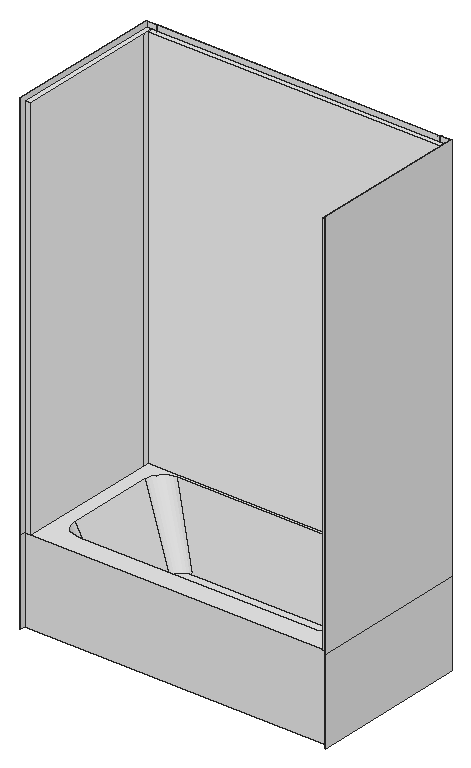
Revit family "4XBTSF6030.V2", category Plumbing Fixtures, Revit 2017
Family settings
  Round Connector Dimension = Use Diameter
  Part Type = Normal
  OmniClass Number = 23.45.05.14.17
  OmniClass Title = Showers
  Work Plane-Based = No
  Always vertical = Yes
  Cut with Voids When Loaded = No
  Shared = No
  Room Calculation Point = No
Parameters (values of type "4XBTSF6030.V2")
  Unit Width = 60"
  Unit Height = 93 1/2"
  URL = "http://www.bestbath.com"
  Type Comments = "Remodeler"
  Model = "4XBTSF6030.V2"
  Material [instance] = Best Bath Gelcoat Fiberglass - RealTile
  Manufacturer = "Best Bath Systems, Inc."
  Keynote = "22 40 00.D3"
  Description = "Real Tile Finish"
  Assembly Code = "D2010700"
Reference planes (in)
  plane 1 "Back": y = 0
  plane 2: z = 0.25
  plane 3 "Left": x = 0
  plane 4: x = 60
  plane 5: y = -30
  plane 6: z = 92.75
  plane 7: z = 93.75
  plane 8: x = 52
  plane 9: z = 16.75
  plane 10: y = -15
  plane 11: y = -1.25
  plane 12: x = 10
  plane 13: x = 55.5
  plane 14: y = -4.375
  plane 15: y = -23.5
  plane 16: y = -1.875
  plane 17: y = -26
  plane 18: x = 4
  plane 19: x = 57
  plane 20: x = 1.25
  plane 21: x = 58.75
  plane 22: y = -31
Forms (in)
  Extrusion 1, solid, material "Best Bath Gelcoat Fiberglass - Smooth"
    sketch origin (0, 0, 0.25) x (1, 0, 0) y (0, 1, 0)
      loop
        line (60, -30) -> (60, 0) -> (58.75, 0) -> (58.75, -2.25) -> (58.75, -30) -> (60, -30)
      loop
        line (0, 0) -> (0, -30) -> (1.25, -30) -> (1.25, -2.25) -> (1.25, 0) -> (0, 0)
    from 16.5 to 92.5
  Extrusion 2, solid, material "Best Bath Gelcoat Fiberglass - Smooth"
    sketch origin (0, 0, 0.25) x (1, 0, 0) y (0, 1, 0)
      loop
        line (0, -30) -> (60, -30) -> (60, 0) -> (0, 0) -> (0, -30)
      loop
        circle (52, -15) r 1.5
    from 0 to 16.5
  Blend 3, void
    base sketch origin (0, 0, 0.25) x (1, 0, 0) y (0, 1, 0)
      loop
        arc (12.5, -4.375) -> (10.73223, -5.10723) -> (10, -6.875) r 2.5
        line (10, -6.875) -> (10, -21)
        arc (10, -21) -> (10.73223, -22.76777) -> (12.5, -23.5) r 2.5
        line (12.5, -23.5) -> (53.5, -23.5)
        arc (53.5, -23.5) -> (54.91421, -22.91421) -> (55.5, -21.5) r 2
        line (55.5, -21.5) -> (55.5, -6.375)
        arc (55.5, -6.375) -> (54.91421, -4.96079) -> (53.5, -4.375) r 2
        line (53.5, -4.375) -> (12.5, -4.375)
    top sketch origin (0, 0, 0.25) x (1, 0, 0) y (0, 1, 0)
      loop
        arc (7.5, -1.875) -> (5.02513, -2.90013) -> (4, -5.375) r 3.5
        line (4, -5.375) -> (4, -22.5)
        arc (4, -22.5) -> (5.02513, -24.97487) -> (7.5, -26) r 3.5
        line (7.5, -26) -> (53.5, -26)
        arc (53.5, -26) -> (55.97487, -24.97487) -> (57, -22.5) r 3.5
        line (57, -22.5) -> (57, -5.375)
        arc (57, -5.375) -> (55.97487, -2.90013) -> (53.5, -1.875) r 3.5
        line (53.5, -1.875) -> (7.5, -1.875)
    from 2.23617 to 16.5
  Extrusion 4, solid, material "Best Bath Gelcoat Fiberglass - Smooth"
    sketch origin (0, 0, 0.25) x (1, 0, 0) y (0, 1, 0)
      loop
        line (1.25, -1.25) -> (58.75, -1.25) -> (58.75, 0) -> (1.25, 0) -> (1.25, -1.25)
    from 16.5 to 92.5
  Extrusion 5, solid, material "Best Bath Gelcoat Fiberglass - Smooth"
    sketch origin (0, 0, 0.25) x (1, 0, 0) y (0, 1, 0)
      loop
        line (0, -30) -> (0, -31) -> (0.125, -31) -> (0.125, -30) -> (0, -30)
      loop
        line (60, -30) -> (59.875, -30) -> (59.875, -31) -> (60, -31) -> (60, -30)
    from 0 to 16.5
  Extrusion 6, solid, material "Best Bath Gelcoat Fiberglass - Smooth"
    sketch origin (0, 0, 0.25) x (1, 0, 0) y (0, 1, 0)
      loop
        line (2.25, 0) -> (2.25, -0.125) -> (57.75, -0.125) -> (57.75, 0) -> (2.25, 0)
    from 92.5 to 93.5
  Extrusion 7, solid, material "Best Bath Gelcoat Fiberglass - Smooth"
    sketch origin (0, 0, 0.25) x (1, 0, 0) y (0, 1, 0)
      loop
        line (0, -31) -> (0.125, -31) -> (0.125, -0.125) -> (2.25, -0.125) -> (2.25, 0) -> (0, 0) -> (0, -31)
      loop
        line (60, -31) -> (60, 0) -> (57.75, 0) -> (57.75, -0.125) -> (59.875, -0.125) -> (59.875, -31) -> (60, -31)
    from 16.5 to 93.5
Cuts and joins
  Blend 3 cuts Extrusion 2
  joined: Extrusion 2, Extrusion 5
  joined: Extrusion 4, Extrusion 6
  joined: Extrusion 1, Extrusion 7
Dimensions and locks (in)
  "Unit Width": plane 3 "Left" to plane 4
  locked: plane 7 to plane 6 at 1
  "Unit Height": plane 7 to level
  plane 3 "Left" to plane 8 to plane 4 = 52", 8"
  plane 10 to plane 1 "Back" = 15"
  locked: plane 13 to plane 4 at 4.5
  locked: plane 15 to plane 5 at 6.5
  locked: plane 3 "Left" to plane 12 at 10
  locked: plane 16 to plane 1 "Back" at 1.875
  locked: plane 17 to plane 5 at 4
  locked: plane 19 to plane 4 at 3
  locked: plane 3 "Left" to plane 18 at 4
  plane 9 to level = 16 1/2"
  locked: plane 11 to plane 1 "Back" at 1.25
  locked: plane 3 "Left" to plane 20 at 1.25
  locked: plane 21 to plane 4 at 1.25
  locked: Extrusion 1 to plane 14 at 4.375
  locked: plane 5 to plane 22 at 1
  locked: plane 22 to plane 1 "Back" at 31
  radius of Blend 3 sketch curve = 2"  (x2)
  radius of Blend 3 sketch curve = 2 1/2"  (x2)
  radius of Blend 3 sketch curve = 3 1/2"  (x4)
  aligned and locked: level to plane 2
  aligned and locked: plane 6 to Extrusion 1
  aligned and locked: Extrusion 1 sketch curve to plane 4
  aligned and locked: plane 5 to Extrusion 1 sketch curve
  aligned and locked: Extrusion 1 sketch curve to plane 5
  aligned and locked: Extrusion 2 sketch curve to Extrusion 1  (x3)
  aligned and locked: Extrusion 2 sketch curve to plane 1 "Back"
  aligned and locked: plane 10 to Extrusion 2 sketch curve
  aligned and locked: plane 8 to Extrusion 2 sketch curve
  aligned and locked: plane 15 to Blend 3 sketch curve
  aligned and locked: Blend 3 sketch curve to plane 14
  aligned and locked: Blend 3 sketch curve to plane 13
  aligned and locked: plane 12 to Blend 3 sketch curve
  aligned and locked: plane 18 to Blend 3 sketch curve
  aligned and locked: Blend 3 sketch curve to plane 19
  aligned and locked: plane 17 to Blend 3 sketch curve
  aligned and locked: Blend 3 sketch curve to plane 16
  aligned and locked: Extrusion 1 sketch curve to plane 20
  aligned and locked: Extrusion 4 to plane 9
  aligned and locked: plane 6 to Extrusion 4
  aligned and locked: Extrusion 1 to plane 9
  aligned and locked: Blend 3 to Extrusion 1
  aligned and locked: Extrusion 5 to Extrusion 1
  aligned and locked: plane 7 to Extrusion 6
  aligned and locked: Extrusion 6 to Extrusion 1
  aligned and locked: plane 7 to Extrusion 7
  aligned and locked: Extrusion 7 to Extrusion 1
Automatic sketch dimensions
  Blend 3 sketch curve to plane 14 = 0"
  Extrusion 5 sketch curve to plane 3 "Left" = 0"
  Extrusion 5 sketch curve to plane 22 = 0"  (x2)
  Extrusion 5 sketch curve to plane 5 = 0"  (x2)
  Extrusion 5 sketch curve to plane 4 = 0"
  plane 3 "Left" to Extrusion 5 sketch curve = 1/8"
  Extrusion 5 sketch curve to Extrusion 5 sketch curve = 1/8"
  plane 1 "Back" to Extrusion 6 sketch curve = 0"
  plane 3 "Left" to Extrusion 6 sketch curve = 2 1/4"
  plane 4 to Extrusion 6 sketch curve = 2 1/4"
  Extrusion 6 sketch curve to Extrusion 6 sketch curve = 1/8"
  Extrusion 7 sketch curve to plane 3 "Left" = 0"
  Extrusion 7 sketch curve to plane 22 = 0"  (x2)
  plane 1 "Back" to Extrusion 7 sketch curve = 0"  (x2)
  Extrusion 7 sketch curve to plane 4 = 0"
  plane 3 "Left" to Extrusion 7 sketch curve = 1/8"
  plane 1 "Back" to Extrusion 7 sketch curve = 1/8"  (x2)
  Extrusion 7 sketch curve to Extrusion 7 sketch curve = 2 1/8"
  plane 4 to Extrusion 7 sketch curve = 2 1/4"
  plane 4 to Extrusion 7 sketch curve = 1/8"
  Extrusion 1 sketch curve to plane 3 "Left" = 0"
  plane 1 "Back" to Extrusion 1 sketch curve = 0"  (x2)
  Extrusion 1 sketch curve to plane 21 = 0"
  Extrusion 1 sketch curve to plane 11 = 1"  (x2)
  plane 1 "Back" to Extrusion 4 sketch curve = 0"
  Extrusion 4 sketch curve to plane 11 = 0"
  plane 3 "Left" to Extrusion 4 sketch curve = 1 1/4"
  plane 4 to Extrusion 4 sketch curve = 1 1/4"
  radius of Extrusion 2 sketch curve = 1 1/2"
